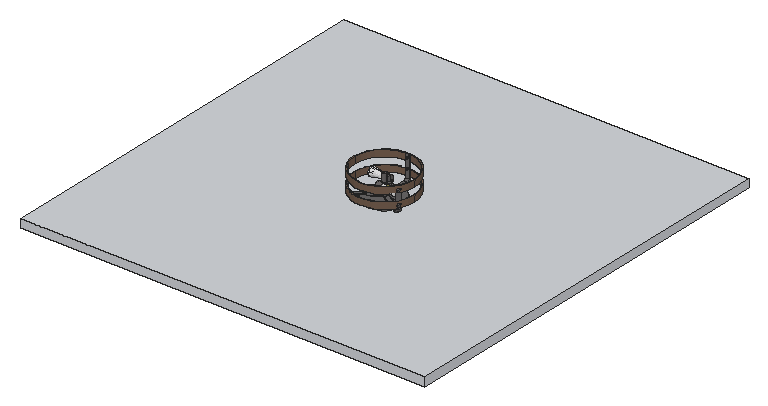
Revit family "P350169-143", category Lighting Fixtures, host Face, Revit 2021
Family settings
  Host = Face
  Round Connector Dimension = Use Diameter
  Part Type = Normal
  OmniClass Number = 23.80.70.11.14.17
  OmniClass Title = Direct/Indirect
  Cut with Voids When Loaded = No
  Light Source = No
  Shared = Yes
  Room Calculation Point = No
Parameters (values of type "P350169-143")
  Wood = Hubbell Gray
  Widh = 14.37"
  Watts = 60 W
  Wattage Comments = "60W"
  Warranty = "1 year Warranty"  # constant formula
  Voltage = 120 V
  URL = "https://www.hubbell.com/progresslighting/en"
  Product Link = "https://www.hubbell.com/progresslighting/en/Products/Lighting-Controls/Residential-Indoor-Lighting/Ceiling-Mount/Flush/Gulliver-Collection-Two-Light-Graphite-and-Weathered-Gray-Farmhouse-Style-Flush-Mount-Ceiling-Light/p/5143927"
  Product Documentation Link = "https://hubbellcdn.com/specsheet/PROG_P350169-143_spec.pdf"
  Power Factor = 1
  Model = " P350169-143"  # constant formula
  Manufacturer = "Progress Lighting"  # constant formula
  Load Classification = Lighting
  Gold = Hubbell - Gold
  Glass = Paint - Hubbell - White Texture
  Lamp = "LED/CFL/incandescent"  # constant formula
  Housing Material = Paint - Hubbell - Textured Camera Black
  Fixture distribution = "Direct"  # constant formula
  Features = "Application: Ideal for any hallway, stairwell, entryway, closet, pantry, kitchen, or sitting room.\r\nStyle: Perfect for coastal or farmhouse style settings.\r\nFinish: The circular bands are constructed from a faux-wood coated in a weathered gray finish accented by a graphite ceiling plate and metal details for perfect modern rustic character.\r\nMaterials: Constructed from steel to ensure a long product lifespan.\r\nGlass: Light sources exude a comforting country glow as they peek through the circular bands of the open-cage design.\r\nBulbs: For ideal illumination, use 2 medium base bulbs that are sold separately (60w max - LED/CFL/incandescent). Compatible with dimmable bulbs.\r\nDimensions: Measures 14.37-inch width by 6.5-inch height.\r\nCertifications: cETLus damp location listed.\r\nPairs With: Pairs with Progress Lighting fixtures from the Briarwood, Mast, and Hemsworth collections.\r\nWarranty: Our 1-Year Limited Warranty guarantees your complete satisfaction with your purchase and includes professional after-sales customer service support. Make your purchase today to breathe new life into your lighting design!"  # constant formula
  Description = "Gulliver Collection Two-Light Graphite and Weathered Gray Farmhouse Style Flush Mount Ceiling Light"  # constant formula
  Default Elevation = 48.00"
  Copyright = " ©2021 Progress Lighting, a division of Hubbell Lighting, Inc"  # constant formula
  Contact = "https://www.hubbell.com/progresslighting/en/contactUs"
  Connector Description = "Lighting Connector"  # constant formula
  Assembly Code = "D5020200"
  Apparent Load = Watts / Power Factor  # 60 VA
Reference planes (in)
  plane 1 "Center (Front/Back)": y = 0
  plane 2: z = 0
  plane 3 "Center (Left/Right)": x = 0
  plane 4: y = -2.5
  plane 5: y = 2.5
  plane 6: x = 7.185
  plane 7: x = -7.185
  plane 8: z = 10.50759
  plane 9: z = 6.5
Forms (in)
  Extrusion 1, solid
    sketch origin (0, 0, 0) x (1, 0, 0) y (0, 1, 0)
      loop
        line (-48, 48) -> (-48, -48) -> (48, -48) -> (48, 48) -> (-48, 48)
    from 0 to -2
  Revolve 2, solid, material "Paint - Hubbell - Textured Camera Black" <- "Housing Material"
    sketch origin (0, 0, 0) x (1, 0, 0) y (0, 0, 1)
      loop
        line (0, 0) -> (4.5, 0) -> (4.5, 0.75) -> (0, 0.75) -> (0, 0)
      axis (0, 0.75) -> (0, 0)
    angle from 0 to 360
  Sweep 3, solid, material "Paint - Hubbell - Textured Camera Black" <- "Housing Material"
    path origin (0, 0, 0) x (0, -1, 0) y (0, 0, 1)
      loop
        line (-6.935, 6.5) -> (-6.935, 1.3061)
        arc (-6.935, 1.3061) -> (-6.78855, 0.95255) -> (-6.435, 0.8061) r 0.5
        line (-6.435, 0.8061) -> (0, 0.8061)
    profile origin (0, 6.935, 3.90305) x (-1, 0, 0) y (0, -1, 0)
      loop
        line (-0.5, 0) -> (-0.5, -0.05) -> (0.5, -0.05) -> (0.5, 0) -> (-0.5, 0)
  Revolve 4, solid, material "Hubbell Gray" <- "Wood"
    sketch origin (0, 0, 0) x (1, 0, 0) y (0, 0, 1)
      loop
        line (-7.185, 6.5) -> (-7.185, 5) -> (-6.985, 5) -> (-6.985, 6.5) -> (-7.185, 6.5)
      loop
        line (-7.185, 3.25) -> (-7.185, 1.75) -> (-6.985, 1.75) -> (-6.985, 3.25) -> (-7.185, 3.25)
      axis (0, 6.5) -> (0, 1.75)
    angle from 0 to 360
  Sweep 5, solid, material "Paint - Hubbell - Textured Camera Black" <- "Housing Material"
    path origin (0, 0, 0) x (-0.866025, 0.5, 0) y (0, 0, 1)
      loop
        line (-6.935, 6.5) -> (-6.935, 1.3061)
        arc (-6.935, 1.3061) -> (-6.78855, 0.95255) -> (-6.435, 0.8061) r 0.5
        line (-6.435, 0.8061) -> (0, 0.8061)
    profile origin (6.00589, -3.4675, 3.90305) x (0.5, 0.866025, 0) y (-0.866025, 0.5, 0)
      loop
        line (-0.5, 0) -> (-0.5, -0.05) -> (0.5, -0.05) -> (0.5, 0) -> (-0.5, 0)
  Sweep 6, solid, material "Paint - Hubbell - Textured Camera Black" <- "Housing Material"
    path origin (0, 0, 0) x (0.866025, 0.5, 0) y (0, 0, 1)
      loop
        line (-6.935, 6.5) -> (-6.935, 1.3061)
        arc (-6.935, 1.3061) -> (-6.78855, 0.95255) -> (-6.435, 0.8061) r 0.5
        line (-6.435, 0.8061) -> (0, 0.8061)
    profile origin (-6.00589, -3.4675, 3.90305) x (0.5, -0.866025, 0) y (0.866025, 0.5, 0)
      loop
        line (-0.5, 0) -> (-0.5, -0.05) -> (0.5, -0.05) -> (0.5, 0) -> (-0.5, 0)
  Revolve 7, solid, material "Paint - Hubbell - Textured Camera Black" <- "Housing Material"
    sketch origin (0, 0, 3.3125) x (1, 0, 0) y (0, 1, 0)
      loop
        line (0, 6.83155) -> (0.13458, 6.83155) -> (0.13458, 7.15372) -> (0.4376, 7.15372)
        arc (0.4376, 7.15372) -> (0.2275, 7.25321) -> (0, 7.30104) r 0.99142
        line (0, 7.30104) -> (0, 6.83155)
      axis (0, 7.30104) -> (0, 6.83155)
    angle from 0 to 360
  Revolve 8, solid, material "Paint - Hubbell - Textured Camera Black" <- "Housing Material"
    sketch origin (0, 0, 5.6875) x (1, 0, 0) y (0, 1, 0)
      loop
        line (0, 6.83155) -> (0.13458, 6.83155) -> (0.13458, 7.15372) -> (0.4376, 7.15372)
        arc (0.4376, 7.15372) -> (0.2275, 7.25321) -> (0, 7.30104) r 0.99142
        line (0, 7.30104) -> (0, 6.83155)
      axis (0, 7.30104) -> (0, 6.83155)
    angle from 0 to 360
  Revolve 9, solid, material "Paint - Hubbell - Textured Camera Black" <- "Housing Material"
    sketch origin (0, 0, 2.4375) x (-0.5, -0.866025, 0) y (0.866025, -0.5, 0)
      loop
        line (0, 6.83155) -> (0.13458, 6.83155) -> (0.13458, 7.15372) -> (0.4376, 7.15372)
        arc (0.4376, 7.15372) -> (0.2275, 7.25321) -> (0, 7.30104) r 0.99142
        line (0, 7.30104) -> (0, 6.83155)
      axis (0, 7.30104) -> (0, 6.83155)
    angle from 0 to 360
  Revolve 10, solid, material "Paint - Hubbell - Textured Camera Black" <- "Housing Material"
    sketch origin (0, 0, 5.6875) x (-0.5, -0.866025, 0) y (0.866025, -0.5, 0)
      loop
        line (0, 6.83155) -> (0.13458, 6.83155) -> (0.13458, 7.15372) -> (0.4376, 7.15372)
        arc (0.4376, 7.15372) -> (0.2275, 7.25321) -> (0, 7.30104) r 0.99142
        line (0, 7.30104) -> (0, 6.83155)
      axis (0, 7.30104) -> (0, 6.83155)
    angle from 0 to 360
  Revolve 11, solid, material "Paint - Hubbell - Textured Camera Black" <- "Housing Material"
    sketch origin (0, 0, 2.4375) x (-0.5, 0.866025, 0) y (-0.866025, -0.5, 0)
      loop
        line (0, 6.83155) -> (0.13458, 6.83155) -> (0.13458, 7.15372) -> (0.4376, 7.15372)
        arc (0.4376, 7.15372) -> (0.2275, 7.25321) -> (0, 7.30104) r 0.99142
        line (0, 7.30104) -> (0, 6.83155)
      axis (0, 7.30104) -> (0, 6.83155)
    angle from 0 to 360
  Revolve 12, solid, material "Paint - Hubbell - Textured Camera Black" <- "Housing Material"
    sketch origin (0, 0, 5.6875) x (-0.5, 0.866025, 0) y (-0.866025, -0.5, 0)
      loop
        line (0, 6.83155) -> (0.13458, 6.83155) -> (0.13458, 7.15372) -> (0.4376, 7.15372)
        arc (0.4376, 7.15372) -> (0.2275, 7.25321) -> (0, 7.30104) r 0.99142
        line (0, 7.30104) -> (0, 6.83155)
      axis (0, 7.30104) -> (0, 6.83155)
    angle from 0 to 360
  Revolve 13, solid, material "Paint - Hubbell - Textured Camera Black" <- "Housing Material"
    sketch origin (0, 0, 0.875) x (1, 0, 0) y (0, 0, 1)
      loop
        line (0, -0.09314) -> (0.5, -0.09314) -> (0.5, 4.56979) -> (0, 4.56979) -> (0, -0.09314)
      axis (0, 4.56979) -> (0, -0.09314)
    angle from 0 to 360
  Revolve 14, solid, material "Paint - Hubbell - Textured Camera Black" <- "Housing Material"
    sketch origin (6.43077, 1.54566, 3.65177) x (0, 0, -1) y (1, 0, 0)
      loop
        line (0, -6.22257) -> (0, -7.43773) -> (0.75333, -7.43773) -> (0.75333, -6.22257) -> (0, -6.22257)
      axis (0, -7.43773) -> (0, -6.22257)
    angle from 0 to 360
  Revolve 15, solid, material "Paint - Hubbell - White Texture"
    sketch origin (6.43077, 1.54566, 3.65177) x (0, 0, -1) y (1, 0, 0)
      loop
        line (0, -7.43773) -> (0, -11.02155)
        arc (0, -11.02155) -> (0.18273, -10.99366) -> (0.34766, -10.91018) r 0.5855
        spline (0.34766, -10.91018) -> (0.53446, -10.87489) -> (0.67434, -10.8488) -> (0.77721, -10.82791) -> (0.85298, -10.8082) -> (0.91153, -10.78565) -> (0.96093, -10.75695) -> (1.0034, -10.72098) -> (1.03996, -10.67706) -> (1.07161, -10.62447) -> (1.09635, -10.56016) -> (1.10709, -10.47705) -> (1.09627, -10.36772)
        line (1.09627, -10.36772) -> (0.52673, -7.43773) -> (0, -7.43773)
      axis (0, -11.02155) -> (0, -7.43773)
    angle from 0 to 360
  Revolve 16, solid, material "Paint - Hubbell - White Texture" <- "Glass"
    sketch origin (6.43077, 1.54566, 3.65177) x (0, 0, -1) y (1, 0, 0)
      loop
        line (0, -7.43773) -> (-0.14062, -7.43773) -> (-0.14062, -7.68773) -> (-0.3174, -7.86451) -> (-0.3174, -8.11451) -> (-0.0674, -8.11451) -> (-0.0674, -10.36451) -> (-0.0674, -10.55091)
        arc (-0.0674, -10.55091) -> (-0.07712, -10.57767) -> (-0.10174, -10.59197) r 0.04171
        arc (-0.10174, -10.59197) -> (-0.13207, -10.62395) -> (-0.11058, -10.66244) r 0.0372
        line (-0.11058, -10.66244) -> (0, -10.66244) -> (0, -10.56087) -> (0, -7.43773)
      axis (0, -7.43773) -> (0, -10.66244)
    angle from 0 to 360
  Revolve 17, solid, material "Hubbell - Gold" <- "Gold"
    sketch origin (6.43077, 1.54566, 3.65177) x (0, 0, -1) y (1, 0, 0)
      loop
        line (-0.47346, -8.28115) -> (-0.51834, -8.28115) -> (-0.66547, -10.3852) -> (-0.62059, -10.3852) -> (-0.47346, -8.28115)
      axis (-0.62081, -10.38832) -> (-0.47346, -8.28115)
    angle from 0 to 360
  Revolve 18, solid, material "Hubbell - Gold" <- "Gold"
    sketch origin (6.43077, 1.54566, 3.65177) x (0, 0, 1) y (-1, 0, 0)
      loop
        line (-0.47346, 8.28115) -> (-0.62235, 10.41041) -> (-0.66723, 10.41041) -> (-0.51834, 8.28115) -> (-0.47346, 8.28115)
      axis (-0.62257, 10.41353) -> (-0.47346, 8.28115)
    angle from 0 to 360
  Sweep 19, solid, material "Paint - Hubbell - White Texture" <- "Glass"
    path origin (6.93077, 1.54566, 3.63519) x (0, 0, -1) y (1, 0, 0)
      loop
        line (0.61067, -10.88516) -> (0.61067, -10.98257)
        arc (0.61067, -10.98257) -> (0.57513, -11.06837) -> (0.48933, -11.10391) r 0.12134
        line (0.48933, -11.10391) -> (0.04812, -11.10391)
    profile origin (-4.0031, 1.54566, 3.02452) x (0, 0, -1) y (0, -1, 0)
      loop
        circle (0, 0.00095) r 0.031
  Sweep 20, solid, material "Paint - Hubbell - White Texture" <- "Glass"
    path origin (6.93077, 1.54566, 3.66834) x (0, 0, 1) y (-1, 0, 0)
      loop
        line (0.61067, 10.88516) -> (0.61067, 10.98257)
        arc (0.61067, 10.98257) -> (0.57513, 11.06837) -> (0.48933, 11.10391) r 0.12134
        line (0.48933, 11.10391) -> (0.04812, 11.10391)
    profile origin (-4.0031, 1.54566, 4.27901) x (0, 0, -1) y (0, -1, 0)
      loop
        circle (0, 0.00095) r 0.031
  Sweep 21, solid, material "Paint - Hubbell - White Texture" <- "Glass"
    path origin (6.93077, 1.52814, 3.65082) x (0, -1, 0) y (1, 0, 0)
      loop
        line (0.61067, -10.88516) -> (0.61067, -10.98257)
        arc (0.61067, -10.98257) -> (0.57513, -11.06837) -> (0.48933, -11.10391) r 0.12134
        line (0.48933, -11.10391) -> (0.04812, -11.10391)
    profile origin (-4.0031, 0.91747, 3.65082) x (0, -1, 0) y (0, 0, 1)
      loop
        circle (0, 0.00095) r 0.031
  Sweep 22, solid, material "Paint - Hubbell - White Texture" <- "Glass"
    path origin (6.93077, 1.56128, 3.65082) x (0, 1, 0) y (-1, 0, 0)
      loop
        line (0.61067, 10.88516) -> (0.61067, 10.98257)
        arc (0.61067, 10.98257) -> (0.57513, 11.06837) -> (0.48933, 11.10391) r 0.12134
        line (0.48933, 11.10391) -> (0.04812, 11.10391)
    profile origin (-4.0031, 2.17195, 3.65082) x (0, -1, 0) y (0, 0, 1)
      loop
        circle (0, 0.00095) r 0.031
  Sweep 23, solid, material "Paint - Hubbell - White Texture" <- "Glass"
    path origin (-12.80348, 1.54566, 3.63519) x (0, 0, -1) y (1, 0, 0)
      loop
        line (0.45442, 10.88516) -> (0.45442, 10.98257)
        arc (0.45442, 10.98257) -> (0.41888, 11.06837) -> (0.33308, 11.10391) r 0.12134
        line (0.33308, 11.10391) -> (0.04812, 11.10391)
    profile origin (-1.86962, 1.54566, 3.18077) x (0, 0, 1) y (0, -1, 0)
      loop
        circle (0, 0.00095) r 0.031
  Sweep 24, solid, material "Paint - Hubbell - White Texture" <- "Glass"
    path origin (-12.80348, 1.54566, 3.66834) x (0, 0, 1) y (-1, 0, 0)
      loop
        line (0.45442, -10.88516) -> (0.45442, -10.98257)
        arc (0.45442, -10.98257) -> (0.41888, -11.06837) -> (0.33308, -11.10391) r 0.12134
        line (0.33308, -11.10391) -> (0.04812, -11.10391)
    profile origin (-1.86962, 1.54566, 4.12276) x (0, 0, 1) y (0, -1, 0)
      loop
        circle (0, 0.00095) r 0.031
  Sweep 25, solid, material "Paint - Hubbell - White Texture" <- "Glass"
    path origin (-12.80348, 1.52814, 3.65082) x (0, -1, 0) y (1, 0, 0)
      loop
        line (0.45442, 10.88516) -> (0.45442, 10.98257)
        arc (0.45442, 10.98257) -> (0.41888, 11.06837) -> (0.33308, 11.10391) r 0.12134
        line (0.33308, 11.10391) -> (0.04812, 11.10391)
    profile origin (-1.86962, 1.07372, 3.65082) x (0, 1, 0) y (0, 0, 1)
      loop
        circle (0, 0.00095) r 0.031
  Sweep 26, solid, material "Paint - Hubbell - White Texture" <- "Glass"
    path origin (-12.80348, 1.56128, 3.65082) x (0, 1, 0) y (-1, 0, 0)
      loop
        line (0.45442, -10.88516) -> (0.45442, -10.98257)
        arc (0.45442, -10.98257) -> (0.41888, -11.06837) -> (0.33308, -11.10391) r 0.12134
        line (0.33308, -11.10391) -> (0.04812, -11.10391)
    profile origin (-1.86962, 2.0157, 3.65082) x (0, 1, 0) y (0, 0, 1)
      loop
        circle (0, 0.00095) r 0.031
  Revolve 27, solid, material "Hubbell - Gold" <- "Gold"
    sketch origin (6.43077, 1.54763, 3.64979) x (0, -1, 0) y (1, 0, 0)
      loop
        line (-0.47346, -8.28115) -> (-0.51834, -8.28115) -> (-0.66489, -10.37691) -> (-0.62001, -10.37691) -> (-0.47346, -8.28115)
      axis (-0.62023, -10.38004) -> (-0.47346, -8.28115)
    angle from 0 to 360
  Revolve 28, solid, material "Hubbell - Gold" <- "Gold"
    sketch origin (6.43077, 1.54763, 3.64979) x (0, 1, 0) y (-1, 0, 0)
      loop
        line (-0.47346, 8.28115) -> (-0.62235, 10.41041) -> (-0.66723, 10.41041) -> (-0.51834, 8.28115) -> (-0.47346, 8.28115)
      axis (-0.62257, 10.41353) -> (-0.47346, 8.28115)
    angle from 0 to 360
  Revolve 29, solid, material "Paint - Hubbell - Textured Camera Black" <- "Housing Material"
    sketch origin (-6.43077, -1.54566, 3.65177) x (0, 0, -1) y (-1, 0, 0)
      loop
        line (0, -6.22257) -> (0, -7.43773) -> (0.75333, -7.43773) -> (0.75333, -6.22257) -> (0, -6.22257)
      axis (0, -7.43773) -> (0, -6.22257)
    angle from 0 to 360
  Revolve 30, solid, material "Paint - Hubbell - White Texture"
    sketch origin (-6.43077, -1.54566, 3.65177) x (0, 0, -1) y (-1, 0, 0)
      loop
        line (0, -7.43773) -> (0, -11.02155)
        arc (0, -11.02155) -> (0.18273, -10.99366) -> (0.34766, -10.91018) r 0.5855
        spline (0.34766, -10.91018) -> (0.53446, -10.87489) -> (0.67434, -10.8488) -> (0.77721, -10.82791) -> (0.85298, -10.8082) -> (0.91153, -10.78565) -> (0.96093, -10.75695) -> (1.0034, -10.72098) -> (1.03996, -10.67706) -> (1.07161, -10.62447) -> (1.09635, -10.56016) -> (1.10709, -10.47705) -> (1.09627, -10.36772)
        line (1.09627, -10.36772) -> (0.52673, -7.43773) -> (0, -7.43773)
      axis (0, -11.02155) -> (0, -7.43773)
    angle from 0 to 360
  Revolve 31, solid, material "Paint - Hubbell - White Texture" <- "Glass"
    sketch origin (-6.43077, -1.54566, 3.65177) x (0, 0, -1) y (-1, 0, 0)
      loop
        line (0, -7.43773) -> (-0.14062, -7.43773) -> (-0.14062, -7.68773) -> (-0.3174, -7.86451) -> (-0.3174, -8.11451) -> (-0.0674, -8.11451) -> (-0.0674, -10.36451) -> (-0.0674, -10.55091)
        arc (-0.0674, -10.55091) -> (-0.07712, -10.57767) -> (-0.10174, -10.59197) r 0.04171
        arc (-0.10174, -10.59197) -> (-0.13207, -10.62395) -> (-0.11058, -10.66244) r 0.0372
        line (-0.11058, -10.66244) -> (0, -10.66244) -> (0, -10.56087) -> (0, -7.43773)
      axis (0, -7.43773) -> (0, -10.66244)
    angle from 0 to 360
  Revolve 32, solid, material "Hubbell - Gold" <- "Gold"
    sketch origin (-6.43077, -1.54566, 3.65177) x (0, 0, -1) y (-1, 0, 0)
      loop
        line (-0.47346, -8.28115) -> (-0.51834, -8.28115) -> (-0.66547, -10.3852) -> (-0.62059, -10.3852) -> (-0.47346, -8.28115)
      axis (-0.62081, -10.38832) -> (-0.47346, -8.28115)
    angle from 0 to 360
  Revolve 33, solid, material "Hubbell - Gold" <- "Gold"
    sketch origin (-6.43077, -1.54566, 3.65177) x (0, 0, 1) y (1, 0, 0)
      loop
        line (-0.47346, 8.28115) -> (-0.62235, 10.41041) -> (-0.66723, 10.41041) -> (-0.51834, 8.28115) -> (-0.47346, 8.28115)
      axis (-0.62257, 10.41353) -> (-0.47346, 8.28115)
    angle from 0 to 360
  Sweep 34, solid, material "Paint - Hubbell - White Texture" <- "Glass"
    path origin (-6.93077, -1.54566, 3.63519) x (0, 0, -1) y (-1, 0, 0)
      loop
        line (0.61067, -10.88516) -> (0.61067, -10.98257)
        arc (0.61067, -10.98257) -> (0.57513, -11.06837) -> (0.48933, -11.10391) r 0.12134
        line (0.48933, -11.10391) -> (0.04812, -11.10391)
    profile origin (4.0031, -1.54566, 3.02452) x (0, 0, -1) y (0, 1, 0)
      loop
        circle (0, 0.00095) r 0.031
  Sweep 35, solid, material "Paint - Hubbell - White Texture" <- "Glass"
    path origin (-6.93077, -1.54566, 3.66834) x (0, 0, 1) y (1, 0, 0)
      loop
        line (0.61067, 10.88516) -> (0.61067, 10.98257)
        arc (0.61067, 10.98257) -> (0.57513, 11.06837) -> (0.48933, 11.10391) r 0.12134
        line (0.48933, 11.10391) -> (0.04812, 11.10391)
    profile origin (4.0031, -1.54566, 4.27901) x (0, 0, -1) y (0, 1, 0)
      loop
        circle (0, 0.00095) r 0.031
  Sweep 36, solid, material "Paint - Hubbell - White Texture" <- "Glass"
    path origin (-6.93077, -1.52814, 3.65082) x (0, 1, 0) y (-1, 0, 0)
      loop
        line (0.61067, -10.88516) -> (0.61067, -10.98257)
        arc (0.61067, -10.98257) -> (0.57513, -11.06837) -> (0.48933, -11.10391) r 0.12134
        line (0.48933, -11.10391) -> (0.04812, -11.10391)
    profile origin (4.0031, -0.91747, 3.65082) x (0, 1, 0) y (0, 0, 1)
      loop
        circle (0, 0.00095) r 0.031
  Sweep 37, solid, material "Paint - Hubbell - White Texture" <- "Glass"
    path origin (-6.93077, -1.56128, 3.65082) x (0, -1, 0) y (1, 0, 0)
      loop
        line (0.61067, 10.88516) -> (0.61067, 10.98257)
        arc (0.61067, 10.98257) -> (0.57513, 11.06837) -> (0.48933, 11.10391) r 0.12134
        line (0.48933, 11.10391) -> (0.04812, 11.10391)
    profile origin (4.0031, -2.17195, 3.65082) x (0, 1, 0) y (0, 0, 1)
      loop
        circle (0, 0.00095) r 0.031
  Sweep 38, solid, material "Paint - Hubbell - White Texture" <- "Glass"
    path origin (12.80348, -1.54566, 3.63519) x (0, 0, -1) y (-1, 0, 0)
      loop
        line (0.45442, 10.88516) -> (0.45442, 10.98257)
        arc (0.45442, 10.98257) -> (0.41888, 11.06837) -> (0.33308, 11.10391) r 0.12134
        line (0.33308, 11.10391) -> (0.04812, 11.10391)
    profile origin (1.86962, -1.54566, 3.18077) x (0, 0, 1) y (0, 1, 0)
      loop
        circle (0, 0.00095) r 0.031
  Sweep 39, solid, material "Paint - Hubbell - White Texture" <- "Glass"
    path origin (12.80348, -1.54566, 3.66834) x (0, 0, 1) y (1, 0, 0)
      loop
        line (0.45442, -10.88516) -> (0.45442, -10.98257)
        arc (0.45442, -10.98257) -> (0.41888, -11.06837) -> (0.33308, -11.10391) r 0.12134
        line (0.33308, -11.10391) -> (0.04812, -11.10391)
    profile origin (1.86962, -1.54566, 4.12276) x (0, 0, 1) y (0, 1, 0)
      loop
        circle (0, 0.00095) r 0.031
  Sweep 40, solid, material "Paint - Hubbell - White Texture" <- "Glass"
    path origin (12.80348, -1.52814, 3.65082) x (0, 1, 0) y (-1, 0, 0)
      loop
        line (0.45442, 10.88516) -> (0.45442, 10.98257)
        arc (0.45442, 10.98257) -> (0.41888, 11.06837) -> (0.33308, 11.10391) r 0.12134
        line (0.33308, 11.10391) -> (0.04812, 11.10391)
    profile origin (1.86962, -1.07372, 3.65082) x (0, -1, 0) y (0, 0, 1)
      loop
        circle (0, 0.00095) r 0.031
  Sweep 41, solid, material "Paint - Hubbell - White Texture" <- "Glass"
    path origin (12.80348, -1.56128, 3.65082) x (0, -1, 0) y (1, 0, 0)
      loop
        line (0.45442, -10.88516) -> (0.45442, -10.98257)
        arc (0.45442, -10.98257) -> (0.41888, -11.06837) -> (0.33308, -11.10391) r 0.12134
        line (0.33308, -11.10391) -> (0.04812, -11.10391)
    profile origin (1.86962, -2.0157, 3.65082) x (0, -1, 0) y (0, 0, 1)
      loop
        circle (0, 0.00095) r 0.031
  Revolve 42, solid, material "Hubbell - Gold" <- "Gold"
    sketch origin (-6.43077, -1.54763, 3.64979) x (0, 1, 0) y (-1, 0, 0)
      loop
        line (-0.47346, -8.28115) -> (-0.51834, -8.28115) -> (-0.66489, -10.37691) -> (-0.62001, -10.37691) -> (-0.47346, -8.28115)
      axis (-0.62023, -10.38004) -> (-0.47346, -8.28115)
    angle from 0 to 360
  Revolve 43, solid, material "Hubbell - Gold" <- "Gold"
    sketch origin (-6.43077, -1.54763, 3.64979) x (0, -1, 0) y (1, 0, 0)
      loop
        line (-0.47346, 8.28115) -> (-0.62235, 10.41041) -> (-0.66723, 10.41041) -> (-0.51834, 8.28115) -> (-0.47346, 8.28115)
      axis (-0.62257, 10.41353) -> (-0.47346, 8.28115)
    angle from 0 to 360
  Sweep 44, solid, material "Paint - Hubbell - Textured Camera Black" <- "Housing Material"
    path origin (-0.05565, -0.00841, 0) x (1, 0, 0) y (0, 1, 0)
      loop
        line (0.2082, 1.54566) -> (0.57248, 1.54566)
        arc (0.57248, 1.54566) -> (0.84523, 1.43268) -> (0.9582, 1.15993) r 0.38573
        line (0.9582, 1.15993) -> (0.9582, 0.83632)
        arc (0.9582, 0.83632) -> (0.89047, 0.58503) -> (0.70563, 0.40183) r 0.5
        line (0.70563, 0.40183) -> (0.43449, 0.24742)
    profile origin (0.33469, 1.53725, 0) x (0, 1, 0) y (0, 0, 1)
      loop
        circle (0, 3.42654) r 0.09959
  Sweep 45, solid, material "Paint - Hubbell - Textured Camera Black" <- "Housing Material"
    path origin (0.05565, 0.00841, 0) x (-1, 0, 0) y (0, -1, 0)
      loop
        line (0.2082, 1.54566) -> (0.57248, 1.54566)
        arc (0.57248, 1.54566) -> (0.84523, 1.43268) -> (0.9582, 1.15993) r 0.38573
        line (0.9582, 1.15993) -> (0.9582, 0.83632)
        arc (0.9582, 0.83632) -> (0.89047, 0.58503) -> (0.70563, 0.40183) r 0.5
        line (0.70563, 0.40183) -> (0.43449, 0.24742)
    profile origin (-0.33469, -1.53725, 0) x (0, -1, 0) y (0, 0, 1)
      loop
        circle (0, 3.42654) r 0.09959
Cuts and joins
  joined: Sweep 3, Sweep 5, Sweep 6
Dimensions and locks (in)
  equal spacing: plane 4, plane 1 "Center (Front/Back)", plane 5
  plane 4 to plane 5 = 5.00"
  plane 6 to plane 7 = 14.37"  (x2)
  equal spacing: plane 6, plane 3 "Center (Left/Right)", plane 7
  "Widh": plane 7 to plane 6
  equal spacing: plane 7, plane 3 "Center (Left/Right)", plane 6
  plane 9 to plane 2 = 6.50"
  aligned and locked: plane 2 to Extrusion 1
Automatic sketch dimensions
  Extrusion 1 sketch curve to Extrusion 1 sketch curve = 96.00"  (x2)
  Revolve 2 sketch curve to plane 3 "Center (Left/Right)" = 0.00"  (x2)
  Revolve 2 sketch curve to level = 0.00"
  Revolve 2 sketch curve to plane 6 = 2.685"
  Revolve 2 sketch curve to Revolve 2 sketch curve = 0.75"
  Revolve 2 sketch curve to level = 24.00"
  Revolve 2 sketch curve to plane 8 = 17.13658"
  plane 9 to Sweep 3 sketch curve = 0.00"
  Sweep 3 sketch curve to plane 1 "Center (Front/Back)" = 0.00"
  level to Sweep 3 sketch curve = 0.8061"
  Sweep 3 sketch curve to plane 5 = 3.935"
  Sweep 3 sketch curve to Sweep 3 sketch curve = 0.50"
  Sweep 3 sketch curve to profile plane = 0.00"
  profile plane to Sweep 3 sketch curve = 0.05"
  Sweep 3 sketch curve to profile plane = 0.50"
  profile plane to Sweep 3 sketch curve = 0.50"
  Revolve 4 sketch curve to plane 7 = 0.00"  (x2)
  Revolve 4 sketch curve to plane 9 = 0.00"
  Revolve 4 sketch curve to plane 3 "Center (Left/Right)" = 0.00"
  plane 7 to Revolve 4 sketch curve = 0.20"  (x2)
  plane 9 to Revolve 4 sketch curve = 1.50"
  Revolve 4 sketch curve to Revolve 4 sketch curve = 1.75"
  Revolve 4 sketch curve to Revolve 4 sketch curve = 1.50"
  Revolve 4 sketch curve to level = 24.00"
  Revolve 4 sketch curve to plane 8 = 17.13658"
  Sweep 5 sketch curve to plane 9 = 0.00"
  level to Sweep 5 sketch curve = 1.3061"
  Sweep 5 sketch curve to Sweep 5 sketch curve = 0.50"
  Sweep 5 sketch curve to Sweep 5 sketch curve = 6.435"
  profile plane to Sweep 5 sketch curve = 0.00"
  profile plane to Sweep 5 sketch curve = 0.05"
  Sweep 5 sketch curve to profile plane = 0.50"
  profile plane to Sweep 5 sketch curve = 0.50"
  plane 9 to Sweep 6 sketch curve = 0.00"
  level to Sweep 6 sketch curve = 1.3061"
  Sweep 6 sketch curve to Sweep 6 sketch curve = 0.50"
  Sweep 6 sketch curve to Sweep 6 sketch curve = 6.435"
  profile plane to Sweep 6 sketch curve = 0.00"
  profile plane to Sweep 6 sketch curve = 0.05"
  Sweep 6 sketch curve to profile plane = 0.50"
  profile plane to Sweep 6 sketch curve = 0.50"
  Revolve 7 sketch curve to plane 3 "Center (Left/Right)" = 0.00"  (x2)
  Revolve 7 sketch curve to plane 3 "Center (Left/Right)" = 0.08882"
  plane 3 "Center (Left/Right)" to Revolve 7 sketch curve = 0.13458"
  Revolve 7 sketch curve to Revolve 7 sketch curve = 0.30302"
  Revolve 7 sketch curve to plane 5 = 3.81361"
  Revolve 7 sketch curve to Revolve 7 sketch curve = 0.51794"
  Revolve 7 sketch curve to Revolve 7 sketch curve = 0.32218"
  Revolve 7 sketch curve to Revolve 7 sketch curve = 0.32861"
  Revolve 7 sketch curve to Revolve 7 sketch curve = 1.18396"
  Revolve 8 sketch curve to plane 3 "Center (Left/Right)" = 0.00"  (x2)
  Revolve 8 sketch curve to plane 3 "Center (Left/Right)" = 0.08882"
  plane 3 "Center (Left/Right)" to Revolve 8 sketch curve = 0.13458"
  Revolve 8 sketch curve to Revolve 8 sketch curve = 0.30302"
  Revolve 8 sketch curve to plane 5 = 3.81361"
  Revolve 8 sketch curve to Revolve 8 sketch curve = 0.51794"
  Revolve 8 sketch curve to Revolve 8 sketch curve = 0.32218"
  Revolve 8 sketch curve to Revolve 8 sketch curve = 0.32861"
  Revolve 8 sketch curve to Revolve 8 sketch curve = 1.18396"
  plane 4 to Revolve 9 sketch curve = 0.57988"
  Revolve 9 sketch curve to plane 6 = 1.67284"
  Revolve 9 sketch curve to Revolve 9 sketch curve = 0.08882"  (x2)
  Revolve 9 sketch curve to Revolve 9 sketch curve = 0.13458"
  Revolve 9 sketch curve to Revolve 9 sketch curve = 0.30302"
  Revolve 9 sketch curve to Revolve 9 sketch curve = 0.51794"
  Revolve 9 sketch curve to Revolve 9 sketch curve = 0.32218"
  Revolve 9 sketch curve to Revolve 9 sketch curve = 0.32861"
  Revolve 9 sketch curve to Revolve 9 sketch curve = 1.18396"
  plane 4 to Revolve 10 sketch curve = 0.57988"
  Revolve 10 sketch curve to plane 6 = 1.67284"
  Revolve 10 sketch curve to Revolve 10 sketch curve = 0.08882"  (x2)
  Revolve 10 sketch curve to Revolve 10 sketch curve = 0.13458"
  Revolve 10 sketch curve to Revolve 10 sketch curve = 0.30302"
  Revolve 10 sketch curve to Revolve 10 sketch curve = 0.51794"
  Revolve 10 sketch curve to Revolve 10 sketch curve = 0.32218"
  Revolve 10 sketch curve to Revolve 10 sketch curve = 0.32861"
  Revolve 10 sketch curve to Revolve 10 sketch curve = 1.18396"
  plane 4 to Revolve 11 sketch curve = 0.73373"
  plane 7 to Revolve 11 sketch curve = 1.76166"
  Revolve 11 sketch curve to Revolve 11 sketch curve = 0.08882"  (x2)
  Revolve 11 sketch curve to Revolve 11 sketch curve = 0.13458"
  Revolve 11 sketch curve to Revolve 11 sketch curve = 0.30302"
  Revolve 11 sketch curve to Revolve 11 sketch curve = 0.51794"
  Revolve 11 sketch curve to Revolve 11 sketch curve = 0.32218"
  Revolve 11 sketch curve to Revolve 11 sketch curve = 0.32861"
  Revolve 11 sketch curve to Revolve 11 sketch curve = 1.18396"
  plane 4 to Revolve 12 sketch curve = 0.73373"
  plane 7 to Revolve 12 sketch curve = 1.76166"
  Revolve 12 sketch curve to Revolve 12 sketch curve = 0.08882"  (x2)
  Revolve 12 sketch curve to Revolve 12 sketch curve = 0.13458"
  Revolve 12 sketch curve to Revolve 12 sketch curve = 0.30302"
  Revolve 12 sketch curve to Revolve 12 sketch curve = 0.51794"
  Revolve 12 sketch curve to Revolve 12 sketch curve = 0.32218"
  Revolve 12 sketch curve to Revolve 12 sketch curve = 0.32861"
  Revolve 12 sketch curve to Revolve 12 sketch curve = 1.18396"
  Revolve 13 sketch curve to plane 3 "Center (Left/Right)" = 0.00"  (x2)
  plane 3 "Center (Left/Right)" to Revolve 13 sketch curve = 0.50"
  level to Revolve 13 sketch curve = 0.78186"
  plane 9 to Revolve 13 sketch curve = 1.05521"
  Revolve 13 sketch curve to level = 23.125"
  Revolve 13 sketch curve to plane 8 = 18.01158"
  plane 3 "Center (Left/Right)" to Revolve 14 sketch curve = 0.2082"
  level to Revolve 14 sketch curve = 3.65177"  (x2)
  Revolve 14 sketch curve to Revolve 14 sketch curve = 0.75333"
  Revolve 14 sketch curve to plane 3 "Center (Left/Right)" = 1.00696"
  Revolve 14 sketch curve to plane 7 = 14.0284"
  plane 6 to Revolve 14 sketch curve = 23.24577"
  level to Revolve 15 sketch curve = 3.65177"  (x2)
  Revolve 15 sketch curve to Revolve 15 sketch curve = 0.00411"
  Revolve 15 sketch curve to Revolve 15 sketch curve = 0.34766"
  Revolve 15 sketch curve to plane 3 "Center (Left/Right)" = 1.00696"
  Revolve 15 sketch curve to Revolve 15 sketch curve = 0.52673"
  Revolve 15 sketch curve to Revolve 15 sketch curve = 0.74861"
  Revolve 15 sketch curve to Revolve 15 sketch curve = 2.92999"
  Revolve 15 sketch curve to Revolve 15 sketch curve = 0.06835"
  Revolve 15 sketch curve to Revolve 15 sketch curve = 0.47411"
  Revolve 15 sketch curve to plane 7 = 14.0284"
  plane 6 to Revolve 15 sketch curve = 23.24577"
  level to Revolve 16 sketch curve = 3.96917"
  Revolve 16 sketch curve to Revolve 16 sketch curve = 0.17678"  (x2)
  Revolve 16 sketch curve to Revolve 16 sketch curve = 0.20683"
  Revolve 16 sketch curve to Revolve 16 sketch curve = 0.00146"
  Revolve 16 sketch curve to Revolve 16 sketch curve = 0.01542"
  Revolve 16 sketch curve to Revolve 16 sketch curve = 0.25"  (x3)
  Revolve 16 sketch curve to Revolve 16 sketch curve = 0.09516"
  plane 7 to Revolve 16 sketch curve = 2.95333"
  Revolve 16 sketch curve to Revolve 16 sketch curve = 0.03385"
  Revolve 16 sketch curve to Revolve 16 sketch curve = 0.10157"
  Revolve 16 sketch curve to Revolve 16 sketch curve = 0.00996"
  Revolve 16 sketch curve to Revolve 16 sketch curve = 0.1864"
  Revolve 16 sketch curve to plane 3 "Center (Left/Right)" = 1.68374"
  level to Revolve 16 sketch curve = 3.65177"
  Revolve 16 sketch curve to plane 7 = 2.57196"
  Revolve 16 sketch curve to Revolve 16 sketch curve = 0.00"
  plane 9 to Revolve 17 sketch curve = 2.18276"
  Revolve 17 sketch curve to Revolve 17 sketch curve = 0.04488"  (x2)
  Revolve 17 sketch curve to Revolve 17 sketch curve = 0.10225"
  plane 7 to Revolve 17 sketch curve = 3.23057"
  Revolve 17 sketch curve to plane 3 "Center (Left/Right)" = 1.85038"
  Revolve 17 sketch curve to Revolve 17 sketch curve = 0.01036"
  Revolve 17 sketch curve to Revolve 17 sketch curve = 0.00483"
  Revolve 17 sketch curve to Revolve 17 sketch curve = 0.49372"
  Revolve 17 sketch curve to Revolve 17 sketch curve = 0.06901"
  level to Revolve 18 sketch curve = 2.98453"
  Revolve 18 sketch curve to Revolve 18 sketch curve = 0.04488"  (x2)
  Revolve 18 sketch curve to Revolve 18 sketch curve = 0.10401"
  Revolve 18 sketch curve to plane 3 "Center (Left/Right)" = 1.85038"
  Revolve 18 sketch curve to Revolve 18 sketch curve = 2.12926"
  Revolve 18 sketch curve to Revolve 18 sketch curve = 0.01212"
  Revolve 18 sketch curve to Revolve 18 sketch curve = 0.00483"
  Revolve 18 sketch curve to Revolve 18 sketch curve = 0.06901"
  Revolve 18 sketch curve to Revolve 18 sketch curve = 0.46851"
  level to Sweep 19 sketch curve = 3.14587"
  Sweep 19 sketch curve to Sweep 19 sketch curve = 0.12134"
  plane 7 to Sweep 19 sketch curve = 3.01186"
  Sweep 19 sketch curve to Sweep 19 sketch curve = 0.4412"
  Sweep 19 sketch curve to Sweep 19 sketch curve = 0.09741"
  Sweep 19 sketch curve to profile plane = 0.00"
  profile plane to Sweep 19 sketch curve = 0.00095"
  plane 9 to Sweep 20 sketch curve = 2.34234"
  Sweep 20 sketch curve to Sweep 20 sketch curve = 0.12134"
  plane 7 to Sweep 20 sketch curve = 3.1332"
  Sweep 20 sketch curve to Sweep 20 sketch curve = 0.4412"
  Sweep 20 sketch curve to Sweep 20 sketch curve = 0.09741"
  Sweep 20 sketch curve to profile plane = 0.00"
  profile plane to Sweep 20 sketch curve = 0.00095"
  Sweep 21 sketch curve to plane 1 "Center (Front/Back)" = 1.03881"
  Sweep 21 sketch curve to Sweep 21 sketch curve = 0.12134"
  plane 7 to Sweep 21 sketch curve = 3.01186"
  Sweep 21 sketch curve to Sweep 21 sketch curve = 0.4412"
  Sweep 21 sketch curve to Sweep 21 sketch curve = 0.09741"
  Sweep 21 sketch curve to profile plane = 0.00"
  profile plane to Sweep 21 sketch curve = 0.00095"
  plane 5 to Sweep 22 sketch curve = 0.44939"
  Sweep 22 sketch curve to Sweep 22 sketch curve = 0.12134"
  plane 7 to Sweep 22 sketch curve = 3.1332"
  Sweep 22 sketch curve to Sweep 22 sketch curve = 0.4412"
  Sweep 22 sketch curve to Sweep 22 sketch curve = 0.09741"
  Sweep 22 sketch curve to profile plane = 0.00"
  profile plane to Sweep 22 sketch curve = 0.00095"
  level to Sweep 23 sketch curve = 3.30212"
  Sweep 23 sketch curve to Sweep 23 sketch curve = 0.12134"
  Sweep 23 sketch curve to plane 3 "Center (Left/Right)" = 1.82091"
  Sweep 23 sketch curve to Sweep 23 sketch curve = 0.28495"
  Sweep 23 sketch curve to Sweep 23 sketch curve = 0.09741"
  profile plane to Sweep 23 sketch curve = 0.00"
  profile plane to Sweep 23 sketch curve = 0.00095"
  Sweep 24 sketch curve to plane 3 "Center (Left/Right)" = 1.69957"
  level to Sweep 24 sketch curve = 4.00141"
  Sweep 24 sketch curve to Sweep 24 sketch curve = 0.12134"
  Sweep 24 sketch curve to Sweep 24 sketch curve = 0.28495"
  Sweep 24 sketch curve to Sweep 24 sketch curve = 0.09741"
  profile plane to Sweep 24 sketch curve = 0.00"
  profile plane to Sweep 24 sketch curve = 0.00095"
  Sweep 25 sketch curve to plane 1 "Center (Front/Back)" = 1.19506"
  Sweep 25 sketch curve to Sweep 25 sketch curve = 0.12134"
  Sweep 25 sketch curve to plane 3 "Center (Left/Right)" = 1.82091"
  Sweep 25 sketch curve to Sweep 25 sketch curve = 0.28495"
  Sweep 25 sketch curve to Sweep 25 sketch curve = 0.09741"
  Sweep 25 sketch curve to profile plane = 0.00"
  profile plane to Sweep 25 sketch curve = 0.00095"
  plane 5 to Sweep 26 sketch curve = 0.60564"
  Sweep 26 sketch curve to Sweep 26 sketch curve = 0.12134"
  Sweep 26 sketch curve to plane 3 "Center (Left/Right)" = 1.69957"
  Sweep 26 sketch curve to Sweep 26 sketch curve = 0.28495"
  Sweep 26 sketch curve to Sweep 26 sketch curve = 0.09741"
  Sweep 26 sketch curve to profile plane = 0.00"
  profile plane to Sweep 26 sketch curve = 0.00095"
  plane 5 to Revolve 27 sketch curve = 0.28747"
  Revolve 27 sketch curve to Revolve 27 sketch curve = 0.04488"  (x2)
  plane 5 to Revolve 27 sketch curve = 0.43402"
  plane 7 to Revolve 27 sketch curve = 3.23886"
  Revolve 27 sketch curve to plane 3 "Center (Left/Right)" = 1.85038"
  plane 5 to Revolve 27 sketch curve = 0.29725"
  Revolve 27 sketch curve to Revolve 27 sketch curve = 0.00483"
  Revolve 27 sketch curve to Revolve 27 sketch curve = 0.502"
  Revolve 27 sketch curve to Revolve 27 sketch curve = 0.06901"
  Revolve 28 sketch curve to plane 1 "Center (Front/Back)" = 0.8804"
  Revolve 28 sketch curve to Revolve 28 sketch curve = 0.04488"  (x2)
  Revolve 28 sketch curve to plane 1 "Center (Front/Back)" = 1.02929"
  Revolve 28 sketch curve to plane 3 "Center (Left/Right)" = 1.85038"
  Revolve 28 sketch curve to Revolve 28 sketch curve = 2.12926"
  Revolve 28 sketch curve to Revolve 28 sketch curve = 0.01212"
  Revolve 28 sketch curve to Revolve 28 sketch curve = 0.00483"
  Revolve 28 sketch curve to Revolve 28 sketch curve = 0.06901"
  Revolve 28 sketch curve to Revolve 28 sketch curve = 0.46851"
  Revolve 29 sketch curve to plane 3 "Center (Left/Right)" = 0.2082"
  level to Revolve 29 sketch curve = 3.65177"  (x2)
  Revolve 29 sketch curve to Revolve 29 sketch curve = 0.75333"
  plane 3 "Center (Left/Right)" to Revolve 29 sketch curve = 1.00696"
  plane 6 to Revolve 29 sketch curve = 14.0284"
  Revolve 29 sketch curve to plane 7 = 23.24577"
  level to Revolve 30 sketch curve = 3.65177"  (x2)
  Revolve 30 sketch curve to Revolve 30 sketch curve = 0.00411"
  Revolve 30 sketch curve to Revolve 30 sketch curve = 0.34766"
  plane 3 "Center (Left/Right)" to Revolve 30 sketch curve = 1.00696"
  Revolve 30 sketch curve to Revolve 30 sketch curve = 0.52673"
  Revolve 30 sketch curve to Revolve 30 sketch curve = 0.74861"
  Revolve 30 sketch curve to Revolve 30 sketch curve = 2.92999"
  Revolve 30 sketch curve to Revolve 30 sketch curve = 0.06835"
  Revolve 30 sketch curve to Revolve 30 sketch curve = 0.47411"
  plane 6 to Revolve 30 sketch curve = 14.0284"
  Revolve 30 sketch curve to plane 7 = 23.24577"
  level to Revolve 31 sketch curve = 3.96917"
  Revolve 31 sketch curve to Revolve 31 sketch curve = 0.17678"  (x2)
  Revolve 31 sketch curve to Revolve 31 sketch curve = 0.20683"
  Revolve 31 sketch curve to Revolve 31 sketch curve = 0.00146"
  Revolve 31 sketch curve to Revolve 31 sketch curve = 0.01542"
  Revolve 31 sketch curve to Revolve 31 sketch curve = 0.25"  (x3)
  Revolve 31 sketch curve to Revolve 31 sketch curve = 0.09516"
  Revolve 31 sketch curve to plane 6 = 2.95333"
  Revolve 31 sketch curve to Revolve 31 sketch curve = 0.03385"
  Revolve 31 sketch curve to Revolve 31 sketch curve = 0.10157"
  Revolve 31 sketch curve to Revolve 31 sketch curve = 0.00996"
  Revolve 31 sketch curve to Revolve 31 sketch curve = 0.1864"
  plane 3 "Center (Left/Right)" to Revolve 31 sketch curve = 1.68374"
  level to Revolve 31 sketch curve = 3.65177"
  plane 6 to Revolve 31 sketch curve = 2.57196"
  Revolve 31 sketch curve to Revolve 31 sketch curve = 0.00"
  plane 9 to Revolve 32 sketch curve = 2.18276"
  Revolve 32 sketch curve to Revolve 32 sketch curve = 0.04488"  (x2)
  Revolve 32 sketch curve to Revolve 32 sketch curve = 0.10225"
  Revolve 32 sketch curve to plane 6 = 3.23057"
  plane 3 "Center (Left/Right)" to Revolve 32 sketch curve = 1.85038"
  Revolve 32 sketch curve to Revolve 32 sketch curve = 0.01036"
  Revolve 32 sketch curve to Revolve 32 sketch curve = 0.00483"
  Revolve 32 sketch curve to Revolve 32 sketch curve = 0.49372"
  Revolve 32 sketch curve to Revolve 32 sketch curve = 0.06901"
  level to Revolve 33 sketch curve = 2.98453"
  Revolve 33 sketch curve to Revolve 33 sketch curve = 0.04488"  (x2)
  Revolve 33 sketch curve to Revolve 33 sketch curve = 0.10401"
  plane 3 "Center (Left/Right)" to Revolve 33 sketch curve = 1.85038"
  Revolve 33 sketch curve to Revolve 33 sketch curve = 2.12926"
  Revolve 33 sketch curve to Revolve 33 sketch curve = 0.01212"
  Revolve 33 sketch curve to Revolve 33 sketch curve = 0.00483"
  Revolve 33 sketch curve to Revolve 33 sketch curve = 0.06901"
  Revolve 33 sketch curve to Revolve 33 sketch curve = 0.46851"
  level to Sweep 34 sketch curve = 3.14587"
  Sweep 34 sketch curve to Sweep 34 sketch curve = 0.12134"
  Sweep 34 sketch curve to plane 6 = 3.01186"
  Sweep 34 sketch curve to Sweep 34 sketch curve = 0.4412"
  Sweep 34 sketch curve to Sweep 34 sketch curve = 0.09741"
  Sweep 34 sketch curve to profile plane = 0.00"
  profile plane to Sweep 34 sketch curve = 0.00095"
  plane 9 to Sweep 35 sketch curve = 2.34234"
  Sweep 35 sketch curve to Sweep 35 sketch curve = 0.12134"
  Sweep 35 sketch curve to plane 6 = 3.1332"
  Sweep 35 sketch curve to Sweep 35 sketch curve = 0.4412"
  Sweep 35 sketch curve to Sweep 35 sketch curve = 0.09741"
  Sweep 35 sketch curve to profile plane = 0.00"
  profile plane to Sweep 35 sketch curve = 0.00095"
  plane 1 "Center (Front/Back)" to Sweep 36 sketch curve = 1.03881"
  Sweep 36 sketch curve to Sweep 36 sketch curve = 0.12134"
  Sweep 36 sketch curve to plane 6 = 3.01186"
  Sweep 36 sketch curve to Sweep 36 sketch curve = 0.4412"
  Sweep 36 sketch curve to Sweep 36 sketch curve = 0.09741"
  Sweep 36 sketch curve to profile plane = 0.00"
  profile plane to Sweep 36 sketch curve = 0.00095"
  Sweep 37 sketch curve to plane 4 = 0.44939"
  Sweep 37 sketch curve to Sweep 37 sketch curve = 0.12134"
  Sweep 37 sketch curve to plane 6 = 3.1332"
  Sweep 37 sketch curve to Sweep 37 sketch curve = 0.4412"
  Sweep 37 sketch curve to Sweep 37 sketch curve = 0.09741"
  Sweep 37 sketch curve to profile plane = 0.00"
  profile plane to Sweep 37 sketch curve = 0.00095"
  level to Sweep 38 sketch curve = 3.30212"
  Sweep 38 sketch curve to Sweep 38 sketch curve = 0.12134"
  plane 3 "Center (Left/Right)" to Sweep 38 sketch curve = 1.82091"
  Sweep 38 sketch curve to Sweep 38 sketch curve = 0.28495"
  Sweep 38 sketch curve to Sweep 38 sketch curve = 0.09741"
  profile plane to Sweep 38 sketch curve = 0.00"
  profile plane to Sweep 38 sketch curve = 0.00095"
  plane 3 "Center (Left/Right)" to Sweep 39 sketch curve = 1.69957"
  level to Sweep 39 sketch curve = 4.00141"
  Sweep 39 sketch curve to Sweep 39 sketch curve = 0.12134"
  Sweep 39 sketch curve to Sweep 39 sketch curve = 0.28495"
  Sweep 39 sketch curve to Sweep 39 sketch curve = 0.09741"
  profile plane to Sweep 39 sketch curve = 0.00"
  profile plane to Sweep 39 sketch curve = 0.00095"
  plane 1 "Center (Front/Back)" to Sweep 40 sketch curve = 1.19506"
  Sweep 40 sketch curve to Sweep 40 sketch curve = 0.12134"
  plane 3 "Center (Left/Right)" to Sweep 40 sketch curve = 1.82091"
  Sweep 40 sketch curve to Sweep 40 sketch curve = 0.28495"
  Sweep 40 sketch curve to Sweep 40 sketch curve = 0.09741"
  Sweep 40 sketch curve to profile plane = 0.00"
  profile plane to Sweep 40 sketch curve = 0.00095"
  Sweep 41 sketch curve to plane 4 = 0.60564"
  Sweep 41 sketch curve to Sweep 41 sketch curve = 0.12134"
  plane 3 "Center (Left/Right)" to Sweep 41 sketch curve = 1.69957"
  Sweep 41 sketch curve to Sweep 41 sketch curve = 0.28495"
  Sweep 41 sketch curve to Sweep 41 sketch curve = 0.09741"
  Sweep 41 sketch curve to profile plane = 0.00"
  profile plane to Sweep 41 sketch curve = 0.00095"
  Revolve 42 sketch curve to plane 4 = 0.28747"
  Revolve 42 sketch curve to Revolve 42 sketch curve = 0.04488"  (x2)
  Revolve 42 sketch curve to plane 4 = 0.43402"
  Revolve 42 sketch curve to plane 6 = 3.23886"
  plane 3 "Center (Left/Right)" to Revolve 42 sketch curve = 1.85038"
  Revolve 42 sketch curve to plane 4 = 0.29725"
  Revolve 42 sketch curve to Revolve 42 sketch curve = 0.00483"
  Revolve 42 sketch curve to Revolve 42 sketch curve = 0.502"
  Revolve 42 sketch curve to Revolve 42 sketch curve = 0.06901"
  plane 1 "Center (Front/Back)" to Revolve 43 sketch curve = 0.8804"
  Revolve 43 sketch curve to Revolve 43 sketch curve = 0.04488"  (x2)
  plane 1 "Center (Front/Back)" to Revolve 43 sketch curve = 1.02929"
  plane 3 "Center (Left/Right)" to Revolve 43 sketch curve = 1.85038"
  Revolve 43 sketch curve to Revolve 43 sketch curve = 2.12926"
  Revolve 43 sketch curve to Revolve 43 sketch curve = 0.01212"
  Revolve 43 sketch curve to Revolve 43 sketch curve = 0.00483"
  Revolve 43 sketch curve to Revolve 43 sketch curve = 0.06901"
  Revolve 43 sketch curve to Revolve 43 sketch curve = 0.46851"
  plane 3 "Center (Left/Right)" to Sweep 44 sketch curve = 0.40255"
  Sweep 44 sketch curve to Sweep 44 sketch curve = 0.11427"
  Sweep 44 sketch curve to plane 1 "Center (Front/Back)" = 0.39342"
  Sweep 44 sketch curve to Sweep 44 sketch curve = 0.24742"
  Sweep 44 sketch curve to Sweep 44 sketch curve = 0.38573"
  Sweep 44 sketch curve to Sweep 44 sketch curve = 0.32361"
  Sweep 44 sketch curve to Sweep 44 sketch curve = 0.27114"
  plane 3 "Center (Left/Right)" to Sweep 44 sketch curve = 0.15255"
  Sweep 44 sketch curve to plane 1 "Center (Front/Back)" = 0.23901"
  Sweep 44 sketch curve to profile plane = 0.00"
  level to Sweep 44 sketch curve = 3.42654"
  Sweep 45 sketch curve to plane 3 "Center (Left/Right)" = 0.40255"
  Sweep 45 sketch curve to Sweep 45 sketch curve = 0.11427"
  plane 1 "Center (Front/Back)" to Sweep 45 sketch curve = 0.39342"
  Sweep 45 sketch curve to Sweep 45 sketch curve = 0.24742"
  Sweep 45 sketch curve to Sweep 45 sketch curve = 0.38573"
  Sweep 45 sketch curve to Sweep 45 sketch curve = 0.32361"
  Sweep 45 sketch curve to Sweep 45 sketch curve = 0.27114"
  Sweep 45 sketch curve to plane 3 "Center (Left/Right)" = 0.15255"
  plane 1 "Center (Front/Back)" to Sweep 45 sketch curve = 0.23901"
  Sweep 45 sketch curve to profile plane = 0.00"
  level to Sweep 45 sketch curve = 3.42654"
  radius of Sweep 19 sketch curve = 0.031"
  radius of Sweep 20 sketch curve = 0.031"
  radius of Sweep 21 sketch curve = 0.031"
  radius of Sweep 22 sketch curve = 0.031"
  radius of Sweep 23 sketch curve = 0.031"
  radius of Sweep 24 sketch curve = 0.031"
  radius of Sweep 25 sketch curve = 0.031"
  radius of Sweep 26 sketch curve = 0.031"
  radius of Sweep 34 sketch curve = 0.031"
  radius of Sweep 35 sketch curve = 0.031"
  radius of Sweep 36 sketch curve = 0.031"
  radius of Sweep 37 sketch curve = 0.031"
  radius of Sweep 38 sketch curve = 0.031"
  radius of Sweep 39 sketch curve = 0.031"
  radius of Sweep 40 sketch curve = 0.031"
  radius of Sweep 41 sketch curve = 0.031"
  radius of Sweep 44 sketch curve = 0.09959"
  radius of Sweep 45 sketch curve = 0.09959"
Nested families (in)
  nested 1: "Light Source" at (5.07046, -1.065, 0), type "Light Source"
  nested 2: "Light Source" at (-3.88836, 2.02632, 0), type "Light Source"
Connectors (in)
  electrical at (0, 0, 0), driven by "Connector Description", driven by "Power Factor", driven by "Apparent Load", driven by "Voltage"
    settings: on Revolve 2, index 1, voltage 120 V, apparent load 60 VA, apparent load phase1 0 VA, apparent load phase2 0 VA, apparent load phase3 0 VA, power factor 1, load classification "Other", number of poles 1, system type 30, power factor state 1, is connector primary yes, connector utility no, sub classification motor no, connector description "Lighting Connector"
Definition of nested family "Light Source"
  Parameters
    Wattage = 13 W
    built-in parameter 1150110 = 1 (stored number, unit not read)
    built-in parameter 1114217 = 1 (stored number, unit not read)
    Tilt Angle = 60.00°
    built-in parameter 1150109 = 1 (stored number, unit not read)
    built-in parameter 1150134 = 3
    built-in parameter 1150113 = 1 (stored number, unit not read)
    Photometric Web File = "generic"
    built-in parameter 1150142 = (empty or 0)
    built-in parameter 1150105 = 71.381 (stored number, unit not read)
    Lumens = 897 lm
    built-in parameter 1150115 = 1 (stored number, unit not read)
    built-in parameter 1150137 = (empty or 0)
    built-in parameter 1150139 = (empty or 0)
    built-in parameter 1150112 = 1 (stored number, unit not read)
    built-in parameter 1150114 = 1 (stored number, unit not read)
    built-in parameter 1150132 = (empty or 0)
    built-in parameter 1150102 = (empty or 0)
    built-in parameter 1150107 = 3200 (stored number, unit not read)
    built-in parameter 1150138 = (empty or 0)
    built-in parameter 1150106 = 0.71381 (stored number, unit not read)
    built-in parameter 1150104 = 6.4103 (stored number, unit not read)
    Dimming Lamp Color Temperature Shift = (empty or 0)
    Default Elevation = 0.00"
    Color Filter = 16777215
    built-in parameter 1114218 = 1 (stored number, unit not read)
    built-in parameter 1150133 = 10 (stored number, unit not read)
  Reference planes (in)
    plane 1 "Center (Front/Back)": y = 0
    plane 2: z = 0
    plane 3 "Center (Left/Right)": x = 0
  Dimensions and locks (in)
    aligned and locked: level to plane 2
